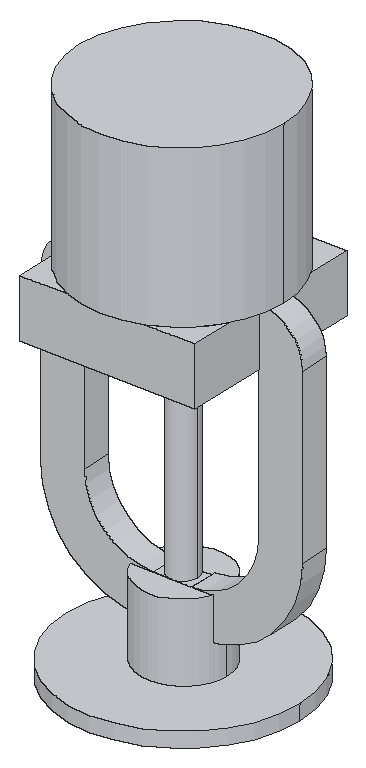
Revit family
Parameters (values of type "RASCO F1FR56-300 PENDENT")
  Temperature Rating = 175 °F
  Response = 1
  RASCO SIN # = "RA2614"
  RASCO Part # = "F1FR56P5W3"
  Pressure Rating = "300 PSI"
  Pressure Class = 1
  Orifice Size = 1/2"
  Orifice = (empty or 0)
  Model = "F1FR56-300"
  Manufacturer = "RASCO"
  K-Factor = 5.6
  Description = "White Finish"
  Coverage = (empty or 0)
Reference planes (in)
  plane 1 "Center (Front/Back)": y = 0
  plane 2: z = 0
  plane 3 "Center (Left/Right)": x = 0
Dimensions and locks (in)
  aligned and locked: plane 2 to level
Nested families (in)
  nested 1: "F1FR56P5W3" at (-0.0113, 0, 2.4375) x (-1, 0, 0) z (0, 0, -1), type "RASCO F1FR56-300 PENDENT"
Connectors (in)
  piping at (-0.0113, 0, 2.4375)
    settings: on nested 1, index 1, connector radius 115/256", flow factor 0, pipe flow 0 GPM, pressure drop 0.00 psi, fitting loss kfactor 0, connector angle 0.00°, fixture units 0, flow configuration 0, flow direction 0, fitting loss method 0, system type 7, connector reference index -1, connector utility 0, adjustable connector no, is connector primary yes, fitting loss table "", connector description ""
Definition of nested family "F1FR56P5W3"
  Parameters (values of type "RASCO F1FR56-300 PENDENT")
    Type Comments = ""
    Temperature Rating = 0 °F
    Response = (empty or 0)
    Pressure Rating = "0"
    Pressure Class = (empty or 0)
    Orifice Size = 0"
    Orifice = (empty or 0)
    Model = ""
    Manufacturer = ""
    K-Factor = 0
    Description = ""
    Coverage = (empty or 0)
    Assembly Code = ""
  Reference planes (in)
    plane 1 "Center (Front/Back)": y = 0
    plane 2: z = 0
    plane 3 "ref.2": z = 0.6875
    plane 4 "ref.3": z = 0.9375
    plane 5: x = -0.38065
    plane 6: x = 0.36935
    plane 7 "ref. side 1": y = 0.06402
    plane 8 "ref. side 2": y = -0.06098
    plane 9 "ref.4": z = 1.875
    plane 10 "ref.5": z = 2.3125
    plane 11 "ref.6": z = 2.4375
  Forms (in)
    Extrusion 1, solid
      sketch origin (0, 0, 0) x (1, 0, 0) y (0, 1, 0)
        loop
          circle (0, 0) r 0.4379
      from 0 to 0.6875
    Extrusion 2, solid
      sketch origin (-0.12185, 0.05177, 0.6875) x (1, 0, 0) y (0, 1, 0)
        loop
          line (-0.2588, 0.356) -> (-0.2588, -0.4565) -> (0.4912, -0.4565) -> (0.4912, 0.356) -> (-0.2588, 0.356)
      from 0 to 0.25
    Extrusion 3, solid
      sketch origin (0, 0, 0) x (1, 0, 0) y (0, 0, 1)
        loop
          line (-0.38065, 0.68754) -> (-0.38065, 1.58397)
          arc (-0.38065, 1.58397) -> (-0.29541, 1.78976) -> (-0.08962, 1.875) r 0.29103
          line (-0.08962, 1.875) -> (0.07524, 1.875)
          arc (0.07524, 1.875) -> (0.28321, 1.78886) -> (0.36935, 1.58089) r 0.29411
          line (0.36935, 1.58089) -> (0.36935, 0.68751)
          arc (0.36935, 0.68751) -> (0.50207, 0.74393) -> (0.55685, 0.87734) r 0.18984
          line (0.55685, 0.87734) -> (0.55685, 1.61676)
          arc (0.55685, 1.61676) -> (0.42629, 1.93194) -> (0.11111, 2.0625) r 0.44574
          line (0.11111, 2.0625) -> (-0.12259, 2.0625)
          arc (-0.12259, 2.0625) -> (-0.43765, 1.932) -> (-0.56815, 1.61694) r 0.44556
          line (-0.56815, 1.61694) -> (-0.56815, 0.87876)
          arc (-0.56815, 0.87876) -> (-0.51345, 0.74486) -> (-0.38065, 0.68754) r 0.19126
      from -0.06402 to 0.06098
    Extrusion 4, solid
      sketch origin (0, 0, 0.9375) x (-1, 0, 0) y (0, -1, 0)
        loop
          circle (0.00574, -0.00152) r 0.0625
      from 0 to 0.9375
    Extrusion 5, solid
      sketch origin (0, 0, 1.875) x (-1, 0, 0) y (0, -1, 0)
        loop
          circle (0.00574, -0.00152) r 0.1875
      from 0 to 0.4375
    Extrusion 6, solid
      sketch origin (0, 0, 2.3125) x (0, -1, 0) y (1, 0, 0)
        loop
          circle (-0.00152, -0.00574) r 0.5
      from -0.10531 to -0.03987
  Cuts and joins
    joined: Extrusion 1, Extrusion 2, Extrusion 4
  Lines and regions (in)
    model lines
      curve 1: line (-0.00574, 0.06402, 1.875) -> (-0.00574, -0.06098, 1.875)
